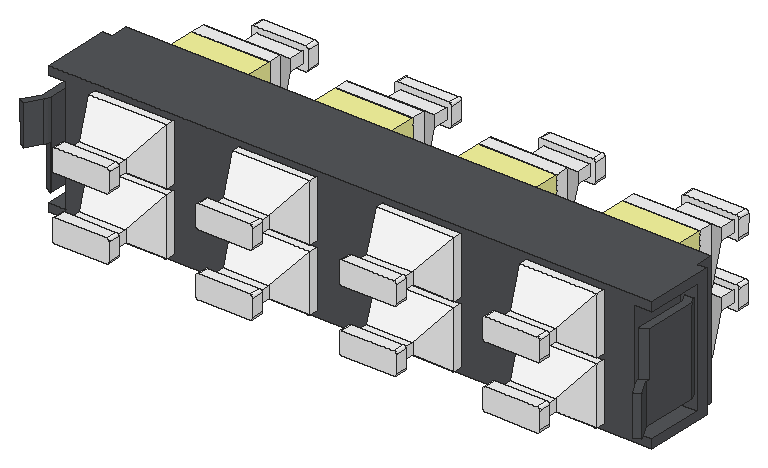
Revit family "Adaptateur 8 MTP", category Installations électriques, Revit 2020
Family settings
  Conserver l'orientation des annotations = Non
  Cote de connecteur circulaire = Utiliser le diamètre
  Type d'élément = Normal
  Basée sur le plan de construction = Non
  Toujours verticalement = Oui
  Couper avec des vides une fois chargée = Non
  Partagée = Non
  Point de calcul de pièce = Non
Parameters (values of type "Adaptateur 8 MTP traversée multimode")
  Type de fibre optique = "Multimode"
  Type de connecteur interne = "MT_MPO"
  Type de connecteur externe = "MT_MPO"
  Température de stockage = "-10°C à 60°C"
  Température de fonctionnement = "-10°C à 60°C"
  Référence Legrand = "032118"
  RAL = "9001"
  Profondeur = 45 mm
  Nombre de connecteurs = 8
  Lien e-catalogue = "https://www.legrand.fr/reference/032118/pro"
  Libellé BIM = "Adaptateur 8 MTP traversée multimode"
  Largeur des connecteurs = 13.5 mm
  Largeur de l'ouverture = 8.35 mm
  Largeur (mm) = 109 mm
  IP = "IP20"
  IK = "IK04"
  Hauteur des connecteurs = 10 mm
  Hauteur de l'ouverture = 1 mm
  Hauteur = 23 mm
  Fonction = "Panneaux fibre optique HD Legrand"
  Elévation par défaut = 0 mm
  EAN = "3414971929234"
  Couleur des connecteurs = IDS_JAUNE
  Couleur = IDS_NOIR
  Classe ETIM = "EC001130"
Reference planes
  plane 1 "Centre (avant/arrière)": y = 0
  plane 2: z = 0
  plane 3 "Centre (gauche/droite)": x = 0
  plane 4 "Clip bas": z = 4
  plane 5 "Clip haut": z = 19
  plane 6: x = 105.5
  plane 7: x = 52.75
  plane 8: through (0.797, -2.504, 1200) normal (-0.866, 0.5, 0)
  plane 9: z = 1
  plane 10: z = 11
  plane 11: z = 12
  plane 12: z = 22
  plane 13: x = 8.35
  plane 14: x = 21.85
  plane 15: z = 23
  plane 16: x = 33.45
  plane 17: x = 46.95
  plane 18: x = 58.55
  plane 19: x = 72.05
  plane 20: y = 21
  plane 21: y = 11
  plane 22: y = 1
  plane 23: x = 83.65
  plane 24: x = 97.15
  plane 25: y = -7
  plane 26: z = 5
  plane 27: z = 7
  plane 28: x = 11.1
  plane 29: x = 19.1
  plane 30: z = 16
  plane 31: z = 18
  plane 32: x = 11.1
  plane 33: x = 19.1
  plane 34: z = 5
  plane 35: z = 7
  plane 36: x = 36.2
  plane 37: x = 44.2
  plane 38: z = 5
  plane 39: z = 7
  plane 40: x = 61.3
  plane 41: x = 69.3
  plane 42: z = 5
  plane 43: z = 7
  plane 44: x = 86.4
  plane 45: x = 94.4
  plane 46: z = 16
  plane 47: z = 18
  plane 48: x = 36.2
  plane 49: x = 44.2
  plane 50: z = 16
  plane 51: z = 18
  plane 52: x = 61.3
  plane 53: x = 69.3
  plane 54: z = 16
  plane 55: z = 18
  plane 56: x = 86.4
  plane 57: x = 94.4
  plane 58: z = 5
  plane 59: z = 7
  plane 60: x = 11.1
  plane 61: x = 19.1
  plane 62: z = 16
  plane 63: z = 18
  plane 64: x = 11.1
  plane 65: x = 19.1
  plane 66: z = 5
  plane 67: z = 7
  plane 68: x = 36.2
  plane 69: x = 44.2
  plane 70: z = 5
  plane 71: z = 7
  plane 72: x = 61.3
  plane 73: x = 69.3
  plane 74: z = 5
  plane 75: z = 7
  plane 76: x = 86.4
  plane 77: x = 94.4
  plane 78: z = 16
  plane 79: z = 18
  plane 80: x = 36.2
  plane 81: x = 44.2
  plane 82: z = 16
  plane 83: z = 18
  plane 84: x = 61.3
  plane 85: x = 69.3
  plane 86: z = 16
  plane 87: z = 18
  plane 88: x = 86.4
  plane 89: x = 94.4
Forms (mm)
  Extrusion 1, solid, material "IDS_NOIR"
    sketch origin (0, 0, 0) x (1, 0, 0) y (0, 1, 0)
      loop
        line (0, 0) -> (105.5, 0) -> (105.5, 12) -> (103.9, 12) -> (103.9, 15) -> (1.6, 15) -> (1.6, 12) -> (0, 12) -> (0, 0)
    from 0 to 23
  Extrusion 2, void
    sketch origin (0, 0, 0) x (-1, 0, 0) y (0, 0, 1)
      loop
        line (0, 21.5) -> (-3, 21.5) -> (-3, 1.5) -> (0, 1.5) -> (0, 21.5)
      loop
        line (-105.5, 21.5) -> (-105.5, 1.5) -> (-102.5, 1.5) -> (-102.5, 21.5) -> (-105.5, 21.5)
    from 0 to 10
  Extrusion 3, solid, material "IDS_NOIR"
    sketch origin (0, 25.162, 4) x (0, 1, 0) y (-1, 0, 0)
      loop
        line (-29.912, 0.5) -> (-27.374, -0.965)
        arc (-27.374, -0.965) -> (-26.771, -1.215) -> (-26.124, -1.3) r 2.5
        line (-26.124, -1.3) -> (-16.662, -1.3) -> (-15.162, -2.166) -> (-15.162, -0.665) -> (-16.313, 0) -> (-26.446, 0) -> (-29.262, 1.626) -> (-29.912, 0.5)
      loop
        line (-29.912, -106) -> (-29.262, -107.126) -> (-26.446, -105.5) -> (-16.313, -105.5) -> (-15.162, -104.835) -> (-15.162, -103.334) -> (-16.662, -104.2) -> (-26.124, -104.2)
        arc (-26.124, -104.2) -> (-26.771, -104.285) -> (-27.374, -104.535) r 2.5
        line (-27.374, -104.535) -> (-29.912, -106)
    from 0 to 15
  Extrusion 4, void
    sketch origin (0.797, -2.504, 1200) x (0.5, 0.866025, 0) y (0, 0, 1)
      loop
        line (-2.593, -1196) -> (1.407, -1196) -> (1.407, -1188) -> (-2.593, -1188) -> (-2.593, -1196)
    from 0 to -2.615
  Extrusion 5, void
    sketch origin (104.703, -2.504, 1200) x (-0.5, 0.866025, 0) y (0, 0, -1)
      loop
        line (-2.593, 1181) -> (1.407, 1181) -> (1.407, 1189) -> (-2.593, 1189) -> (-2.593, 1181)
    from 0 to -2.615
  Extrusion 6, void
    sketch origin (2.941, 0, 0) x (-1, 0, 0) y (0, 0, 1)
      loop
        line (-5.409, 11) -> (-18.909, 11) -> (-18.909, 1) -> (-5.409, 1) -> (-5.409, 11)
      loop
        line (-30.509, 1) -> (-30.509, 11) -> (-44.009, 11) -> (-44.009, 1) -> (-30.509, 1)
      loop
        line (-55.609, 11) -> (-69.109, 11) -> (-69.109, 1) -> (-55.609, 1) -> (-55.609, 11)
      loop
        line (-80.709, 1) -> (-80.709, 11) -> (-94.209, 11) -> (-94.209, 1) -> (-80.709, 1)
    from 0 to 15
  Extrusion 7, void
    sketch origin (0, 0, 0) x (-1, 0, 0) y (0, 0, 1)
      loop
        line (-8.35, 12) -> (-8.35, 22) -> (-21.85, 22) -> (-21.85, 12) -> (-8.35, 12)
      loop
        line (-33.45, 12) -> (-33.45, 22) -> (-46.95, 22) -> (-46.95, 12) -> (-33.45, 12)
      loop
        line (-58.55, 22) -> (-72.05, 22) -> (-72.05, 12) -> (-58.55, 12) -> (-58.55, 22)
      loop
        line (-83.65, 22) -> (-97.15, 22) -> (-97.15, 12) -> (-83.65, 12) -> (-83.65, 22)
    from 0 to 15
  Extrusion 8, solid, material "IDS_JAUNE" <- "Couleur des connecteurs"
    sketch origin (-7.488, 1, 1200) x (-1, 0, 0) y (0, 0, 1)
      loop
        line (-15.838, -1189) -> (-29.338, -1189) -> (-29.338, -1199) -> (-15.838, -1199) -> (-15.838, -1189)
      loop
        line (-15.838, -1178) -> (-29.338, -1178) -> (-29.338, -1188) -> (-15.838, -1188) -> (-15.838, -1178)
      loop
        line (-40.938, -1188) -> (-40.938, -1178) -> (-54.438, -1178) -> (-54.438, -1188) -> (-40.938, -1188)
      loop
        line (-66.038, -1188) -> (-66.038, -1178) -> (-79.538, -1178) -> (-79.538, -1188) -> (-66.038, -1188)
      loop
        line (-66.038, -1189) -> (-79.538, -1189) -> (-79.538, -1199) -> (-66.038, -1199) -> (-66.038, -1189)
      loop
        line (-54.438, -1199) -> (-40.938, -1199) -> (-40.938, -1189) -> (-54.438, -1189) -> (-54.438, -1199)
      loop
        line (-91.138, -1188) -> (-91.138, -1178) -> (-104.638, -1178) -> (-104.638, -1188) -> (-91.138, -1188)
      loop
        line (-91.138, -1189) -> (-104.638, -1189) -> (-104.638, -1199) -> (-91.138, -1199) -> (-91.138, -1189)
    from 0 to 20
  Extrusion 9, solid, material "IDS_BLANC"
    sketch origin (-7.488, 1, 1200) x (-1, 0, 0) y (0, 0, 1)
      loop
        line (-15.838, -1188) -> (-15.838, -1178) -> (-29.338, -1178) -> (-29.338, -1188) -> (-15.838, -1188)
      loop
        line (-15.838, -1189) -> (-29.338, -1189) -> (-29.338, -1199) -> (-15.838, -1199) -> (-15.838, -1189)
      loop
        line (-40.938, -1188) -> (-40.938, -1178) -> (-54.438, -1178) -> (-54.438, -1188) -> (-40.938, -1188)
      loop
        line (-40.938, -1189) -> (-54.438, -1189) -> (-54.438, -1199) -> (-40.938, -1199) -> (-40.938, -1189)
      loop
        line (-66.038, -1178) -> (-79.538, -1178) -> (-79.538, -1188) -> (-66.038, -1188) -> (-66.038, -1178)
      loop
        line (-66.038, -1189) -> (-79.538, -1189) -> (-79.538, -1199) -> (-66.038, -1199) -> (-66.038, -1189)
      loop
        line (-91.138, -1188) -> (-91.138, -1178) -> (-104.638, -1178) -> (-104.638, -1188) -> (-91.138, -1188)
      loop
        line (-91.138, -1189) -> (-104.638, -1189) -> (-104.638, -1199) -> (-91.138, -1199) -> (-91.138, -1189)
    from 0 to -2.5
  Extrusion 10, solid, material "IDS_BLANC"
    sketch origin (5.742, -7, 1200) x (-1, 0, 0) y (0, 0, 1)
      loop
        line (-5.358, -1193) -> (-13.358, -1193) -> (-13.358, -1195) -> (-5.358, -1195) -> (-5.358, -1193)
    from -2.75 to 0
  SweptBlend 11, solid, material "IDS_BLANC"
    path origin (0, 25.162, 4) x (0, 1, 0) y (-1, 0, 0)
      loop
        line (-26.662, -15.1) -> (-32.162, -15.1)
    profile origin (15.1, -1.5, 4) x (1, 0, 0) y (0, 0, 1)
      loop
        line (-6.75, 7) -> (-6.75, -3) -> (6.75, -3) -> (6.75, 7) -> (-6.75, 7)
    end profile origin (15.1, -7, 4) x (1, 0, 0) y (0, 0, 1)
      loop
        line (4, 3) -> (-4, 3) -> (-4, 1) -> (4, 1) -> (4, 3)
  Extrusion 12, solid, material "IDS_BLANC"
    sketch origin (5.742, -9.75, 1200) x (1, 0, 0) y (0, 0, 1)
      loop
        arc (4.858, -1192) -> (4.504, -1192.146) -> (4.358, -1192.5) r 0.5
        line (4.358, -1192.5) -> (4.358, -1195.5)
        arc (4.358, -1195.5) -> (4.504, -1195.854) -> (4.858, -1196) r 0.5
        line (4.858, -1196) -> (13.858, -1196)
        arc (13.858, -1196) -> (14.211, -1195.854) -> (14.358, -1195.5) r 0.5
        line (14.358, -1195.5) -> (14.358, -1192.5)
        arc (14.358, -1192.5) -> (14.211, -1192.146) -> (13.858, -1192) r 0.5
        line (13.858, -1192) -> (4.858, -1192)
    from 0 to 2
  Extrusion 13, solid, material "IDS_BLANC"
    sketch origin (5.742, -9.75, 1211) x (1, 0, 0) y (0, 0, 1)
      loop
        arc (4.858, -1192) -> (4.504, -1192.146) -> (4.358, -1192.5) r 0.5
        line (4.358, -1192.5) -> (4.358, -1195.5)
        arc (4.358, -1195.5) -> (4.504, -1195.854) -> (4.858, -1196) r 0.5
        line (4.858, -1196) -> (13.858, -1196)
        arc (13.858, -1196) -> (14.211, -1195.854) -> (14.358, -1195.5) r 0.5
        line (14.358, -1195.5) -> (14.358, -1192.5)
        arc (14.358, -1192.5) -> (14.211, -1192.146) -> (13.858, -1192) r 0.5
        line (13.858, -1192) -> (4.858, -1192)
    from 0 to 2
  SweptBlend 14, solid, material "IDS_BLANC"
    path origin (0, 25.162, 15) x (0, 1, 0) y (-1, 0, 0)
      loop
        line (-26.662, -15.1) -> (-32.162, -15.1)
    profile origin (15.1, -1.5, 15) x (1, 0, 0) y (0, 0, 1)
      loop
        line (-6.75, 7) -> (-6.75, -3) -> (6.75, -3) -> (6.75, 7) -> (-6.75, 7)
    end profile origin (15.1, -7, 15) x (1, 0, 0) y (0, 0, 1)
      loop
        line (4, 3) -> (-4, 3) -> (-4, 1) -> (4, 1) -> (4, 3)
  Extrusion 15, solid, material "IDS_BLANC"
    sketch origin (5.742, -7, 1211) x (-1, 0, 0) y (0, 0, 1)
      loop
        line (-5.358, -1193) -> (-13.358, -1193) -> (-13.358, -1195) -> (-5.358, -1195) -> (-5.358, -1193)
    from -2.75 to 0
  Extrusion 16, solid, material "IDS_BLANC"
    sketch origin (30.842, -7, 1200) x (-1, 0, 0) y (0, 0, 1)
      loop
        line (-5.358, -1193) -> (-13.358, -1193) -> (-13.358, -1195) -> (-5.358, -1195) -> (-5.358, -1193)
    from -2.75 to 0
  SweptBlend 17, solid, material "IDS_BLANC"
    path origin (25.1, 25.162, 4) x (0, 1, 0) y (-1, 0, 0)
      loop
        line (-26.662, -15.1) -> (-32.162, -15.1)
    profile origin (40.2, -1.5, 4) x (1, 0, 0) y (0, 0, 1)
      loop
        line (-6.75, 7) -> (-6.75, -3) -> (6.75, -3) -> (6.75, 7) -> (-6.75, 7)
    end profile origin (40.2, -7, 4) x (1, 0, 0) y (0, 0, 1)
      loop
        line (4, 3) -> (-4, 3) -> (-4, 1) -> (4, 1) -> (4, 3)
  Extrusion 18, solid, material "IDS_BLANC"
    sketch origin (30.842, -9.75, 1200) x (1, 0, 0) y (0, 0, 1)
      loop
        arc (4.858, -1192) -> (4.504, -1192.146) -> (4.358, -1192.5) r 0.5
        line (4.358, -1192.5) -> (4.358, -1195.5)
        arc (4.358, -1195.5) -> (4.504, -1195.854) -> (4.858, -1196) r 0.5
        line (4.858, -1196) -> (13.858, -1196)
        arc (13.858, -1196) -> (14.211, -1195.854) -> (14.358, -1195.5) r 0.5
        line (14.358, -1195.5) -> (14.358, -1192.5)
        arc (14.358, -1192.5) -> (14.211, -1192.146) -> (13.858, -1192) r 0.5
        line (13.858, -1192) -> (4.858, -1192)
    from 0 to 2
  Extrusion 19, solid, material "IDS_BLANC"
    sketch origin (30.842, -9.75, 1211) x (1, 0, 0) y (0, 0, 1)
      loop
        arc (4.858, -1192) -> (4.504, -1192.146) -> (4.358, -1192.5) r 0.5
        line (4.358, -1192.5) -> (4.358, -1195.5)
        arc (4.358, -1195.5) -> (4.504, -1195.854) -> (4.858, -1196) r 0.5
        line (4.858, -1196) -> (13.858, -1196)
        arc (13.858, -1196) -> (14.211, -1195.854) -> (14.358, -1195.5) r 0.5
        line (14.358, -1195.5) -> (14.358, -1192.5)
        arc (14.358, -1192.5) -> (14.211, -1192.146) -> (13.858, -1192) r 0.5
        line (13.858, -1192) -> (4.858, -1192)
    from 0 to 2
  SweptBlend 20, solid, material "IDS_BLANC"
    path origin (25.1, 25.162, 15) x (0, 1, 0) y (-1, 0, 0)
      loop
        line (-26.662, -15.1) -> (-32.162, -15.1)
    profile origin (40.2, -1.5, 15) x (1, 0, 0) y (0, 0, 1)
      loop
        line (-6.75, 7) -> (-6.75, -3) -> (6.75, -3) -> (6.75, 7) -> (-6.75, 7)
    end profile origin (40.2, -7, 15) x (1, 0, 0) y (0, 0, 1)
      loop
        line (4, 3) -> (-4, 3) -> (-4, 1) -> (4, 1) -> (4, 3)
  Extrusion 21, solid, material "IDS_BLANC"
    sketch origin (55.942, -7, 1200) x (-1, 0, 0) y (0, 0, 1)
      loop
        line (-5.358, -1193) -> (-13.358, -1193) -> (-13.358, -1195) -> (-5.358, -1195) -> (-5.358, -1193)
    from -2.75 to 0
  SweptBlend 22, solid, material "IDS_BLANC"
    path origin (50.2, 25.162, 4) x (0, 1, 0) y (-1, 0, 0)
      loop
        line (-26.662, -15.1) -> (-32.162, -15.1)
    profile origin (65.3, -1.5, 4) x (1, 0, 0) y (0, 0, 1)
      loop
        line (-6.75, 7) -> (-6.75, -3) -> (6.75, -3) -> (6.75, 7) -> (-6.75, 7)
    end profile origin (65.3, -7, 4) x (1, 0, 0) y (0, 0, 1)
      loop
        line (4, 3) -> (-4, 3) -> (-4, 1) -> (4, 1) -> (4, 3)
  Extrusion 23, solid, material "IDS_BLANC"
    sketch origin (55.942, -9.75, 1200) x (1, 0, 0) y (0, 0, 1)
      loop
        arc (4.858, -1192) -> (4.504, -1192.146) -> (4.358, -1192.5) r 0.5
        line (4.358, -1192.5) -> (4.358, -1195.5)
        arc (4.358, -1195.5) -> (4.504, -1195.854) -> (4.858, -1196) r 0.5
        line (4.858, -1196) -> (13.858, -1196)
        arc (13.858, -1196) -> (14.211, -1195.854) -> (14.358, -1195.5) r 0.5
        line (14.358, -1195.5) -> (14.358, -1192.5)
        arc (14.358, -1192.5) -> (14.211, -1192.146) -> (13.858, -1192) r 0.5
        line (13.858, -1192) -> (4.858, -1192)
    from 0 to 2
  Extrusion 24, solid, material "IDS_BLANC"
    sketch origin (55.942, -9.75, 1211) x (1, 0, 0) y (0, 0, 1)
      loop
        arc (4.858, -1192) -> (4.504, -1192.146) -> (4.358, -1192.5) r 0.5
        line (4.358, -1192.5) -> (4.358, -1195.5)
        arc (4.358, -1195.5) -> (4.504, -1195.854) -> (4.858, -1196) r 0.5
        line (4.858, -1196) -> (13.858, -1196)
        arc (13.858, -1196) -> (14.211, -1195.854) -> (14.358, -1195.5) r 0.5
        line (14.358, -1195.5) -> (14.358, -1192.5)
        arc (14.358, -1192.5) -> (14.211, -1192.146) -> (13.858, -1192) r 0.5
        line (13.858, -1192) -> (4.858, -1192)
    from 0 to 2
  SweptBlend 25, solid, material "IDS_BLANC"
    path origin (50.2, 25.162, 15) x (0, 1, 0) y (-1, 0, 0)
      loop
        line (-26.662, -15.1) -> (-32.162, -15.1)
    profile origin (65.3, -1.5, 15) x (1, 0, 0) y (0, 0, 1)
      loop
        line (-6.75, 7) -> (-6.75, -3) -> (6.75, -3) -> (6.75, 7) -> (-6.75, 7)
    end profile origin (65.3, -7, 15) x (1, 0, 0) y (0, 0, 1)
      loop
        line (4, 3) -> (-4, 3) -> (-4, 1) -> (4, 1) -> (4, 3)
  Extrusion 26, solid, material "IDS_BLANC"
    sketch origin (81.042, -7, 1200) x (-1, 0, 0) y (0, 0, 1)
      loop
        line (-5.358, -1193) -> (-13.358, -1193) -> (-13.358, -1195) -> (-5.358, -1195) -> (-5.358, -1193)
    from -2.75 to 0
  SweptBlend 27, solid, material "IDS_BLANC"
    path origin (75.3, 25.162, 4) x (0, 1, 0) y (-1, 0, 0)
      loop
        line (-26.662, -15.1) -> (-32.162, -15.1)
    profile origin (90.4, -1.5, 4) x (1, 0, 0) y (0, 0, 1)
      loop
        line (-6.75, 7) -> (-6.75, -3) -> (6.75, -3) -> (6.75, 7) -> (-6.75, 7)
    end profile origin (90.4, -7, 4) x (1, 0, 0) y (0, 0, 1)
      loop
        line (4, 3) -> (-4, 3) -> (-4, 1) -> (4, 1) -> (4, 3)
  Extrusion 28, solid, material "IDS_BLANC"
    sketch origin (81.042, -9.75, 1200) x (1, 0, 0) y (0, 0, 1)
      loop
        arc (4.858, -1192) -> (4.504, -1192.146) -> (4.358, -1192.5) r 0.5
        line (4.358, -1192.5) -> (4.358, -1195.5)
        arc (4.358, -1195.5) -> (4.504, -1195.854) -> (4.858, -1196) r 0.5
        line (4.858, -1196) -> (13.858, -1196)
        arc (13.858, -1196) -> (14.211, -1195.854) -> (14.358, -1195.5) r 0.5
        line (14.358, -1195.5) -> (14.358, -1192.5)
        arc (14.358, -1192.5) -> (14.211, -1192.146) -> (13.858, -1192) r 0.5
        line (13.858, -1192) -> (4.858, -1192)
    from 0 to 2
  Extrusion 29, solid, material "IDS_BLANC"
    sketch origin (81.042, -9.75, 1211) x (1, 0, 0) y (0, 0, 1)
      loop
        arc (4.858, -1192) -> (4.504, -1192.146) -> (4.358, -1192.5) r 0.5
        line (4.358, -1192.5) -> (4.358, -1195.5)
        arc (4.358, -1195.5) -> (4.504, -1195.854) -> (4.858, -1196) r 0.5
        line (4.858, -1196) -> (13.858, -1196)
        arc (13.858, -1196) -> (14.211, -1195.854) -> (14.358, -1195.5) r 0.5
        line (14.358, -1195.5) -> (14.358, -1192.5)
        arc (14.358, -1192.5) -> (14.211, -1192.146) -> (13.858, -1192) r 0.5
        line (13.858, -1192) -> (4.858, -1192)
    from 0 to 2
  SweptBlend 30, solid, material "IDS_BLANC"
    path origin (75.3, 25.162, 15) x (0, 1, 0) y (-1, 0, 0)
      loop
        line (-26.662, -15.1) -> (-32.162, -15.1)
    profile origin (90.4, -1.5, 15) x (1, 0, 0) y (0, 0, 1)
      loop
        line (-6.75, 7) -> (-6.75, -3) -> (6.75, -3) -> (6.75, 7) -> (-6.75, 7)
    end profile origin (90.4, -7, 15) x (1, 0, 0) y (0, 0, 1)
      loop
        line (4, 3) -> (-4, 3) -> (-4, 1) -> (4, 1) -> (4, 3)
  Extrusion 31, solid, material "IDS_BLANC"
    sketch origin (30.842, -7, 1211) x (-1, 0, 0) y (0, 0, 1)
      loop
        line (-5.358, -1193) -> (-13.358, -1193) -> (-13.358, -1195) -> (-5.358, -1195) -> (-5.358, -1193)
    from -2.75 to 0
  Extrusion 32, solid, material "IDS_BLANC"
    sketch origin (55.942, -7, 1211) x (-1, 0, 0) y (0, 0, 1)
      loop
        line (-5.358, -1193) -> (-13.358, -1193) -> (-13.358, -1195) -> (-5.358, -1195) -> (-5.358, -1193)
    from -2.75 to 0
  Extrusion 33, solid, material "IDS_BLANC"
    sketch origin (81.042, -7, 1211) x (-1, 0, 0) y (0, 0, 1)
      loop
        line (-5.358, -1193) -> (-13.358, -1193) -> (-13.358, -1195) -> (-5.358, -1195) -> (-5.358, -1193)
    from -2.75 to 0
  Extrusion 34, solid, material "IDS_BLANC"
    sketch origin (-7.488, 21, 1200) x (-1, 0, 0) y (0, 0, -1)
      loop
        line (-15.838, 1188) -> (-29.338, 1188) -> (-29.338, 1178) -> (-15.838, 1178) -> (-15.838, 1188)
      loop
        line (-15.838, 1189) -> (-15.838, 1199) -> (-29.338, 1199) -> (-29.338, 1189) -> (-15.838, 1189)
      loop
        line (-40.938, 1188) -> (-54.438, 1188) -> (-54.438, 1178) -> (-40.938, 1178) -> (-40.938, 1188)
      loop
        line (-40.938, 1189) -> (-40.938, 1199) -> (-54.438, 1199) -> (-54.438, 1189) -> (-40.938, 1189)
      loop
        line (-66.038, 1178) -> (-66.038, 1188) -> (-79.538, 1188) -> (-79.538, 1178) -> (-66.038, 1178)
      loop
        line (-66.038, 1189) -> (-66.038, 1199) -> (-79.538, 1199) -> (-79.538, 1189) -> (-66.038, 1189)
      loop
        line (-91.138, 1188) -> (-104.638, 1188) -> (-104.638, 1178) -> (-91.138, 1178) -> (-91.138, 1188)
      loop
        line (-91.138, 1189) -> (-91.138, 1199) -> (-104.638, 1199) -> (-104.638, 1189) -> (-91.138, 1189)
    from 0 to -2.5
  Extrusion 35, solid, material "IDS_BLANC"
    sketch origin (5.742, 29, 1200) x (-1, 0, 0) y (0, 0, -1)
      loop
        line (-5.358, 1193) -> (-5.358, 1195) -> (-13.358, 1195) -> (-13.358, 1193) -> (-5.358, 1193)
    from -2.75 to 0
  SweptBlend 36, solid, material "IDS_BLANC"
    path origin (0, -3.162, 4) x (0, -1, 0) y (1, 0, 0)
      loop
        line (-26.662, 15.1) -> (-32.162, 15.1)
    profile origin (15.1, 23.5, 4) x (-1, 0, 0) y (0, 0, 1)
      loop
        line (6.75, 7) -> (-6.75, 7) -> (-6.75, -3) -> (6.75, -3) -> (6.75, 7)
    end profile origin (15.1, 29, 4) x (-1, 0, 0) y (0, 0, 1)
      loop
        line (-4, 3) -> (-4, 1) -> (4, 1) -> (4, 3) -> (-4, 3)
  Extrusion 37, solid, material "IDS_BLANC"
    sketch origin (5.742, 31.75, 1200) x (1, 0, 0) y (0, 0, -1)
      loop
        line (4.858, 1192) -> (13.858, 1192)
        arc (13.858, 1192) -> (14.211, 1192.146) -> (14.358, 1192.5) r 0.5
        line (14.358, 1192.5) -> (14.358, 1195.5)
        arc (14.358, 1195.5) -> (14.211, 1195.854) -> (13.858, 1196) r 0.5
        line (13.858, 1196) -> (4.858, 1196)
        arc (4.858, 1196) -> (4.504, 1195.854) -> (4.358, 1195.5) r 0.5
        line (4.358, 1195.5) -> (4.358, 1192.5)
        arc (4.358, 1192.5) -> (4.504, 1192.146) -> (4.858, 1192) r 0.5
    from 0 to 2
  Extrusion 38, solid, material "IDS_BLANC"
    sketch origin (5.742, 31.75, 1189) x (1, 0, 0) y (0, 0, -1)
      loop
        line (4.858, 1170) -> (13.858, 1170)
        arc (13.858, 1170) -> (14.211, 1170.146) -> (14.358, 1170.5) r 0.5
        line (14.358, 1170.5) -> (14.358, 1173.5)
        arc (14.358, 1173.5) -> (14.211, 1173.854) -> (13.858, 1174) r 0.5
        line (13.858, 1174) -> (4.858, 1174)
        arc (4.858, 1174) -> (4.504, 1173.854) -> (4.358, 1173.5) r 0.5
        line (4.358, 1173.5) -> (4.358, 1170.5)
        arc (4.358, 1170.5) -> (4.504, 1170.146) -> (4.858, 1170) r 0.5
    from 0 to 2
  SweptBlend 39, solid, material "IDS_BLANC"
    path origin (0, -3.162, 15) x (0, -1, 0) y (1, 0, 0)
      loop
        line (-26.662, 15.1) -> (-32.162, 15.1)
    profile origin (15.1, 23.5, 15) x (-1, 0, 0) y (0, 0, 1)
      loop
        line (6.75, 7) -> (-6.75, 7) -> (-6.75, -3) -> (6.75, -3) -> (6.75, 7)
    end profile origin (15.1, 29, 15) x (-1, 0, 0) y (0, 0, 1)
      loop
        line (-4, 3) -> (-4, 1) -> (4, 1) -> (4, 3) -> (-4, 3)
  Extrusion 40, solid, material "IDS_BLANC"
    sketch origin (5.742, 29, 1211) x (-1, 0, 0) y (0, 0, -1)
      loop
        line (-5.358, 1193) -> (-5.358, 1195) -> (-13.358, 1195) -> (-13.358, 1193) -> (-5.358, 1193)
    from -2.75 to 0
  Extrusion 41, solid, material "IDS_BLANC"
    sketch origin (30.842, 29, 1200) x (-1, 0, 0) y (0, 0, -1)
      loop
        line (-5.358, 1193) -> (-5.358, 1195) -> (-13.358, 1195) -> (-13.358, 1193) -> (-5.358, 1193)
    from -2.75 to 0
  SweptBlend 42, solid, material "IDS_BLANC"
    path origin (25.1, -3.162, 4) x (0, -1, 0) y (1, 0, 0)
      loop
        line (-26.662, 15.1) -> (-32.162, 15.1)
    profile origin (40.2, 23.5, 4) x (-1, 0, 0) y (0, 0, 1)
      loop
        line (6.75, 7) -> (-6.75, 7) -> (-6.75, -3) -> (6.75, -3) -> (6.75, 7)
    end profile origin (40.2, 29, 4) x (-1, 0, 0) y (0, 0, 1)
      loop
        line (-4, 3) -> (-4, 1) -> (4, 1) -> (4, 3) -> (-4, 3)
  Extrusion 43, solid, material "IDS_BLANC"
    sketch origin (30.842, 31.75, 1200) x (1, 0, 0) y (0, 0, -1)
      loop
        line (4.858, 1192) -> (13.858, 1192)
        arc (13.858, 1192) -> (14.211, 1192.146) -> (14.358, 1192.5) r 0.5
        line (14.358, 1192.5) -> (14.358, 1195.5)
        arc (14.358, 1195.5) -> (14.211, 1195.854) -> (13.858, 1196) r 0.5
        line (13.858, 1196) -> (4.858, 1196)
        arc (4.858, 1196) -> (4.504, 1195.854) -> (4.358, 1195.5) r 0.5
        line (4.358, 1195.5) -> (4.358, 1192.5)
        arc (4.358, 1192.5) -> (4.504, 1192.146) -> (4.858, 1192) r 0.5
    from 0 to 2
  Extrusion 44, solid, material "IDS_BLANC"
    sketch origin (30.842, 31.75, 1189) x (1, 0, 0) y (0, 0, -1)
      loop
        line (4.858, 1170) -> (13.858, 1170)
        arc (13.858, 1170) -> (14.211, 1170.146) -> (14.358, 1170.5) r 0.5
        line (14.358, 1170.5) -> (14.358, 1173.5)
        arc (14.358, 1173.5) -> (14.211, 1173.854) -> (13.858, 1174) r 0.5
        line (13.858, 1174) -> (4.858, 1174)
        arc (4.858, 1174) -> (4.504, 1173.854) -> (4.358, 1173.5) r 0.5
        line (4.358, 1173.5) -> (4.358, 1170.5)
        arc (4.358, 1170.5) -> (4.504, 1170.146) -> (4.858, 1170) r 0.5
    from 0 to 2
  SweptBlend 45, solid, material "IDS_BLANC"
    path origin (25.1, -3.162, 15) x (0, -1, 0) y (1, 0, 0)
      loop
        line (-26.662, 15.1) -> (-32.162, 15.1)
    profile origin (40.2, 23.5, 15) x (-1, 0, 0) y (0, 0, 1)
      loop
        line (6.75, 7) -> (-6.75, 7) -> (-6.75, -3) -> (6.75, -3) -> (6.75, 7)
    end profile origin (40.2, 29, 15) x (-1, 0, 0) y (0, 0, 1)
      loop
        line (-4, 3) -> (-4, 1) -> (4, 1) -> (4, 3) -> (-4, 3)
  Extrusion 46, solid, material "IDS_BLANC"
    sketch origin (55.942, 29, 1200) x (-1, 0, 0) y (0, 0, -1)
      loop
        line (-5.358, 1193) -> (-5.358, 1195) -> (-13.358, 1195) -> (-13.358, 1193) -> (-5.358, 1193)
    from -2.75 to 0
  SweptBlend 47, solid, material "IDS_BLANC"
    path origin (50.2, -3.162, 4) x (0, -1, 0) y (1, 0, 0)
      loop
        line (-26.662, 15.1) -> (-32.162, 15.1)
    profile origin (65.3, 23.5, 4) x (-1, 0, 0) y (0, 0, 1)
      loop
        line (6.75, 7) -> (-6.75, 7) -> (-6.75, -3) -> (6.75, -3) -> (6.75, 7)
    end profile origin (65.3, 29, 4) x (-1, 0, 0) y (0, 0, 1)
      loop
        line (-4, 3) -> (-4, 1) -> (4, 1) -> (4, 3) -> (-4, 3)
  Extrusion 48, solid, material "IDS_BLANC"
    sketch origin (55.942, 31.75, 1200) x (1, 0, 0) y (0, 0, -1)
      loop
        line (4.858, 1192) -> (13.858, 1192)
        arc (13.858, 1192) -> (14.211, 1192.146) -> (14.358, 1192.5) r 0.5
        line (14.358, 1192.5) -> (14.358, 1195.5)
        arc (14.358, 1195.5) -> (14.211, 1195.854) -> (13.858, 1196) r 0.5
        line (13.858, 1196) -> (4.858, 1196)
        arc (4.858, 1196) -> (4.504, 1195.854) -> (4.358, 1195.5) r 0.5
        line (4.358, 1195.5) -> (4.358, 1192.5)
        arc (4.358, 1192.5) -> (4.504, 1192.146) -> (4.858, 1192) r 0.5
    from 0 to 2
  Extrusion 49, solid, material "IDS_BLANC"
    sketch origin (55.942, 31.75, 1189) x (1, 0, 0) y (0, 0, -1)
      loop
        line (4.858, 1170) -> (13.858, 1170)
        arc (13.858, 1170) -> (14.211, 1170.146) -> (14.358, 1170.5) r 0.5
        line (14.358, 1170.5) -> (14.358, 1173.5)
        arc (14.358, 1173.5) -> (14.211, 1173.854) -> (13.858, 1174) r 0.5
        line (13.858, 1174) -> (4.858, 1174)
        arc (4.858, 1174) -> (4.504, 1173.854) -> (4.358, 1173.5) r 0.5
        line (4.358, 1173.5) -> (4.358, 1170.5)
        arc (4.358, 1170.5) -> (4.504, 1170.146) -> (4.858, 1170) r 0.5
    from 0 to 2
  SweptBlend 50, solid, material "IDS_BLANC"
    path origin (50.2, -3.162, 15) x (0, -1, 0) y (1, 0, 0)
      loop
        line (-26.662, 15.1) -> (-32.162, 15.1)
    profile origin (65.3, 23.5, 15) x (-1, 0, 0) y (0, 0, 1)
      loop
        line (6.75, 7) -> (-6.75, 7) -> (-6.75, -3) -> (6.75, -3) -> (6.75, 7)
    end profile origin (65.3, 29, 15) x (-1, 0, 0) y (0, 0, 1)
      loop
        line (-4, 3) -> (-4, 1) -> (4, 1) -> (4, 3) -> (-4, 3)
  Extrusion 51, solid, material "IDS_BLANC"
    sketch origin (81.042, 29, 1200) x (-1, 0, 0) y (0, 0, -1)
      loop
        line (-5.358, 1193) -> (-5.358, 1195) -> (-13.358, 1195) -> (-13.358, 1193) -> (-5.358, 1193)
    from -2.75 to 0
  SweptBlend 52, solid, material "IDS_BLANC"
    path origin (75.3, -3.162, 4) x (0, -1, 0) y (1, 0, 0)
      loop
        line (-26.662, 15.1) -> (-32.162, 15.1)
    profile origin (90.4, 23.5, 4) x (-1, 0, 0) y (0, 0, 1)
      loop
        line (6.75, 7) -> (-6.75, 7) -> (-6.75, -3) -> (6.75, -3) -> (6.75, 7)
    end profile origin (90.4, 29, 4) x (-1, 0, 0) y (0, 0, 1)
      loop
        line (-4, 3) -> (-4, 1) -> (4, 1) -> (4, 3) -> (-4, 3)
  Extrusion 53, solid, material "IDS_BLANC"
    sketch origin (81.042, 31.75, 1200) x (1, 0, 0) y (0, 0, -1)
      loop
        line (4.858, 1192) -> (13.858, 1192)
        arc (13.858, 1192) -> (14.211, 1192.146) -> (14.358, 1192.5) r 0.5
        line (14.358, 1192.5) -> (14.358, 1195.5)
        arc (14.358, 1195.5) -> (14.211, 1195.854) -> (13.858, 1196) r 0.5
        line (13.858, 1196) -> (4.858, 1196)
        arc (4.858, 1196) -> (4.504, 1195.854) -> (4.358, 1195.5) r 0.5
        line (4.358, 1195.5) -> (4.358, 1192.5)
        arc (4.358, 1192.5) -> (4.504, 1192.146) -> (4.858, 1192) r 0.5
    from 0 to 2
  Extrusion 54, solid, material "IDS_BLANC"
    sketch origin (81.042, 31.75, 1189) x (1, 0, 0) y (0, 0, -1)
      loop
        line (4.858, 1170) -> (13.858, 1170)
        arc (13.858, 1170) -> (14.211, 1170.146) -> (14.358, 1170.5) r 0.5
        line (14.358, 1170.5) -> (14.358, 1173.5)
        arc (14.358, 1173.5) -> (14.211, 1173.854) -> (13.858, 1174) r 0.5
        line (13.858, 1174) -> (4.858, 1174)
        arc (4.858, 1174) -> (4.504, 1173.854) -> (4.358, 1173.5) r 0.5
        line (4.358, 1173.5) -> (4.358, 1170.5)
        arc (4.358, 1170.5) -> (4.504, 1170.146) -> (4.858, 1170) r 0.5
    from 0 to 2
  SweptBlend 55, solid, material "IDS_BLANC"
    path origin (75.3, -3.162, 15) x (0, -1, 0) y (1, 0, 0)
      loop
        line (-26.662, 15.1) -> (-32.162, 15.1)
    profile origin (90.4, 23.5, 15) x (-1, 0, 0) y (0, 0, 1)
      loop
        line (6.75, 7) -> (-6.75, 7) -> (-6.75, -3) -> (6.75, -3) -> (6.75, 7)
    end profile origin (90.4, 29, 15) x (-1, 0, 0) y (0, 0, 1)
      loop
        line (-4, 3) -> (-4, 1) -> (4, 1) -> (4, 3) -> (-4, 3)
  Extrusion 56, solid, material "IDS_BLANC"
    sketch origin (30.842, 29, 1211) x (-1, 0, 0) y (0, 0, -1)
      loop
        line (-5.358, 1193) -> (-5.358, 1195) -> (-13.358, 1195) -> (-13.358, 1193) -> (-5.358, 1193)
    from -2.75 to 0
  Extrusion 57, solid, material "IDS_BLANC"
    sketch origin (55.942, 29, 1211) x (-1, 0, 0) y (0, 0, -1)
      loop
        line (-5.358, 1193) -> (-5.358, 1195) -> (-13.358, 1195) -> (-13.358, 1193) -> (-5.358, 1193)
    from -2.75 to 0
  Extrusion 58, solid, material "IDS_BLANC"
    sketch origin (81.042, 29, 1211) x (-1, 0, 0) y (0, 0, -1)
      loop
        line (-5.358, 1193) -> (-5.358, 1195) -> (-13.358, 1195) -> (-13.358, 1193) -> (-5.358, 1193)
    from -2.75 to 0
Cuts and joins
  Extrusion 2, Extrusion 6, Extrusion 7 cuts Extrusion 1
  Extrusion 4, Extrusion 5 cuts Extrusion 3
  joined: Extrusion 9, Extrusion 10, SweptBlend 11, Extrusion 12, Extrusion 13, SweptBlend 14, Extrusion 15, Extrusion 16, SweptBlend 17, Extrusion 18, Extrusion 19, SweptBlend 20, Extrusion 21, SweptBlend 22, Extrusion 23, Extrusion 24, SweptBlend 25, Extrusion 26, SweptBlend 27, Extrusion 28, Extrusion 29, SweptBlend 30, Extrusion 31, Extrusion 32, Extrusion 33
Lines and regions (mm)
  model lines
    curve 1: line (21.85, -1.5, 1) -> (8.35, -1.5, 1)
    curve 2: line (21.85, -1.5, 11) -> (21.85, -1.5, 1)
    curve 3: line (8.35, -1.5, 11) -> (21.85, -1.5, 11)
    curve 4: line (8.35, -1.5, 1) -> (8.35, -1.5, 11)
Dimensions and locks
  locked: plane 1 "Centre (avant/arrière)" to Extrusion 1 sketch curve at 15
  locked: Extrusion 1 sketch curve to Extrusion 1 sketch curve at 105.5
  locked: Extrusion 1 sketch curve to Extrusion 1 sketch curve at 1.6  (x2)
  locked: Extrusion 1 sketch curve to Extrusion 1 sketch curve at 12
  locked: Extrusion 2 sketch curve to level at 1.5
  locked: Extrusion 1 to Extrusion 2 sketch curve at 1.5
  locked: Extrusion 2 sketch curve to plane 3 "Centre (gauche/droite)" at 3
  locked: Extrusion 2 sketch curve to Extrusion 1 at 3
  plane 4 "Clip bas" to level = 4 mm
  cut or joined group of Extrusion 1, Extrusion 2, Extrusion 6, Extrusion 7 to plane 5 "Clip haut" = 4 mm
  locked: Extrusion 3 sketch curve to plane 3 "Centre (gauche/droite)" at 0.5
  locked: Extrusion 3 sketch curve to plane 1 "Centre (avant/arrière)" at 4.75
  locked: plane 3 "Centre (gauche/droite)" to Extrusion 3 sketch curve at 1.3
  plane 1 "Centre (avant/arrière)" to Extrusion 3 sketch curve = 8.5 mm
  equal spacing: plane 3 "Centre (gauche/droite)", plane 7, plane 6, locked at 52.75 each
  locked: Extrusion 3 to Extrusion 4 sketch curve at 4
  locked: Extrusion 3 to Extrusion 4 sketch curve at 8
  cut or joined group of Extrusion 3, Extrusion 4, Extrusion 5 to Extrusion 5 sketch curve = 8 mm
  Extrusion 5 sketch curve to cut or joined group of Extrusion 3, Extrusion 4, Extrusion 5 = 4 mm
  "Hauteur de l'ouverture": plane 9 to level
  "Hauteur des connecteurs": plane 10 to plane 9
  "Hauteur des connecteurs": plane 12 to plane 11
  "Largeur de l'ouverture": plane 13 to plane 3 "Centre (gauche/droite)"
  "Largeur des connecteurs": plane 13 to plane 14
  locked: plane 15 to level at 23
  "Hauteur de l'ouverture": plane 15 to plane 12
  "Largeur des connecteurs": plane 16 to plane 17
  locked: plane 14 to plane 16 at 11.6
  plane 17 to plane 18 = 11.6 mm
  "Largeur des connecteurs": plane 18 to plane 19
  plane 20 to cut or joined group of Extrusion 1, Extrusion 2, Extrusion 6, Extrusion 7 = 6 mm
  locked: plane 22 to plane 1 "Centre (avant/arrière)" at 1
  "Largeur des connecteurs": plane 23 to plane 24
  plane 23 to plane 19 = 11.6 mm
  plane 6 to plane 24 = 8.35 mm
  Extrusion 9 to plane 25 = 5.5 mm
  plane 26 to plane 9 = 4 mm
  plane 10 to plane 27 = 4 mm
  plane 27 to plane 26 = 2 mm
  Extrusion 9 to plane 28 = 2.75 mm
  plane 28 to plane 29 = 8 mm
  plane 29 to plane 14 = 2.75 mm
  Extrusion 12 sketch curve to Extrusion 10 = 1 mm  (x3)
  Extrusion 10 to Extrusion 12 sketch curve = 1 mm
  plane 31 to plane 30 = 2 mm
  plane 32 to plane 33 = 8 mm
  plane 35 to plane 34 = 2 mm
  plane 36 to plane 37 = 8 mm
  Extrusion 18 sketch curve to Extrusion 16 = 1 mm  (x3)
  Extrusion 16 to Extrusion 18 sketch curve = 1 mm
  plane 39 to plane 38 = 2 mm
  plane 40 to plane 41 = 8 mm
  Extrusion 23 sketch curve to Extrusion 21 = 1 mm  (x3)
  Extrusion 21 to Extrusion 23 sketch curve = 1 mm
  plane 43 to plane 42 = 2 mm
  plane 44 to plane 45 = 8 mm
  Extrusion 28 sketch curve to Extrusion 26 = 1 mm  (x3)
  Extrusion 26 to Extrusion 28 sketch curve = 1 mm
  plane 47 to plane 46 = 2 mm
  plane 48 to plane 49 = 8 mm
  plane 51 to plane 50 = 2 mm
  plane 52 to plane 53 = 8 mm
  plane 55 to plane 54 = 2 mm
  plane 56 to plane 57 = 8 mm
  equal spacing: plane 20, plane 21, plane 22
  plane 58 to plane 59 = 2 mm
  Extrusion 34 to plane 60 = 2.75 mm
  plane 60 to plane 61 = 8 mm
  Extrusion 35 to Extrusion 37 sketch curve = 1 mm
  Extrusion 37 sketch curve to Extrusion 35 = 1 mm  (x3)
  plane 62 to plane 63 = 2 mm
  plane 64 to plane 65 = 8 mm
  plane 66 to plane 67 = 2 mm
  plane 68 to plane 69 = 8 mm
  Extrusion 41 to Extrusion 43 sketch curve = 1 mm
  Extrusion 43 sketch curve to Extrusion 41 = 1 mm  (x3)
  plane 70 to plane 71 = 2 mm
  plane 72 to plane 73 = 8 mm
  Extrusion 46 to Extrusion 48 sketch curve = 1 mm
  Extrusion 48 sketch curve to Extrusion 46 = 1 mm  (x3)
  plane 74 to plane 75 = 2 mm
  plane 76 to plane 77 = 8 mm
  Extrusion 51 to Extrusion 53 sketch curve = 1 mm
  Extrusion 53 sketch curve to Extrusion 51 = 1 mm  (x3)
  plane 78 to plane 79 = 2 mm
  plane 80 to plane 81 = 8 mm
  plane 82 to plane 83 = 2 mm
  plane 84 to plane 85 = 8 mm
  plane 86 to plane 87 = 2 mm
  plane 88 to plane 89 = 8 mm
  locked: cut or joined group of Extrusion 1, Extrusion 2, Extrusion 6, Extrusion 7 to Extrusion 3 sketch curve (angle 60.00°)
  aligned and locked: level to plane 2
  aligned and locked: plane 5 "Clip haut" to Extrusion 3
  aligned and locked: Extrusion 3 to plane 4 "Clip bas"
  aligned and locked: plane 6 to cut or joined group of Extrusion 1, Extrusion 2, Extrusion 6, Extrusion 7
  aligned and locked: Extrusion 4 sketch curve to Extrusion 3
  aligned and locked: Extrusion 3 to Extrusion 4 sketch curve
  aligned and locked: Extrusion 5 sketch curve to cut or joined group of Extrusion 3, Extrusion 4, Extrusion 5
  aligned and locked: plane 15 to cut or joined group of Extrusion 1, Extrusion 2, Extrusion 6, Extrusion 7
  aligned and locked: Extrusion 6 to plane 9
  aligned and locked: plane 10 to Extrusion 6
  aligned and locked: plane 13 to Extrusion 6
  aligned and locked: Extrusion 6 to plane 14
  aligned and locked: plane 9 to Extrusion 6 sketch curve  (x2)
  aligned and locked: Extrusion 6 sketch curve to plane 16
  aligned and locked: Extrusion 6 sketch curve to plane 10  (x2)
  aligned and locked: Extrusion 6 sketch curve to plane 17
  aligned and locked: plane 10 to Extrusion 6 sketch curve
  aligned and locked: plane 18 to Extrusion 6 sketch curve
  aligned and locked: Extrusion 6 sketch curve to plane 9
  aligned and locked: plane 19 to Extrusion 6 sketch curve
  aligned and locked: plane 11 to Extrusion 7 sketch curve  (x2)
  aligned and locked: Extrusion 7 sketch curve to plane 12  (x2)
  aligned and locked: plane 14 to Extrusion 7 sketch curve
  aligned and locked: Extrusion 7 sketch curve to plane 13
  aligned and locked: Extrusion 7 sketch curve to plane 16
  aligned and locked: plane 17 to Extrusion 7 sketch curve
  aligned and locked: plane 12 to Extrusion 7 sketch curve  (x2)
  aligned and locked: plane 18 to Extrusion 7 sketch curve
  aligned and locked: Extrusion 7 sketch curve to plane 11  (x2)
  aligned and locked: plane 19 to Extrusion 7 sketch curve
  aligned and locked: Extrusion 1 to Extrusion 7
  aligned and locked: Extrusion 1 to Extrusion 6
  aligned and locked: Extrusion 8 sketch curve to cut or joined group of Extrusion 1, Extrusion 2, Extrusion 6, Extrusion 7  (x23)
  aligned and locked: plane 20 to Extrusion 8
  aligned and locked: Extrusion 9 sketch curve to Extrusion 8  (x24)
  aligned and locked: Extrusion 2 sketch curve to Extrusion 2 sketch curve  (x2)
  aligned and locked: plane 23 to Extrusion 7 sketch curve
  aligned and locked: plane 24 to Extrusion 7 sketch curve
  aligned and locked: Extrusion 6 sketch curve to plane 23
  aligned and locked: Extrusion 6 sketch curve to plane 24
  aligned and locked: Extrusion 9 sketch curve to cut or joined group of Extrusion 1, Extrusion 2, Extrusion 6, Extrusion 7  (x8)
  aligned and locked: plane 27 to Extrusion 10 sketch curve
  aligned and locked: plane 28 to Extrusion 10 sketch curve
  aligned and locked: Extrusion 10 sketch curve to plane 26
  aligned and locked: Extrusion 10 sketch curve to plane 29
  aligned and locked: curve 1 to Extrusion 9
  aligned and locked: curve 2 to Extrusion 9
  aligned and locked: curve 3 to Extrusion 9
  aligned and locked: curve 4 to Extrusion 9
  aligned and locked: SweptBlend 11 sketch curve to Extrusion 9  (x4)
  aligned and locked: SweptBlend 11 sketch curve to Extrusion 10  (x4)
  aligned and locked: plane 31 to Extrusion 15 sketch curve
  aligned and locked: plane 32 to Extrusion 15 sketch curve
  aligned and locked: Extrusion 15 sketch curve to plane 30
  aligned and locked: Extrusion 15 sketch curve to plane 33
  aligned and locked: plane 35 to Extrusion 16 sketch curve
  aligned and locked: plane 36 to Extrusion 16 sketch curve
  aligned and locked: Extrusion 16 sketch curve to plane 34
  aligned and locked: Extrusion 16 sketch curve to plane 37
  aligned and locked: SweptBlend 17 sketch curve to Extrusion 16  (x4)
  aligned and locked: plane 39 to Extrusion 21 sketch curve
  aligned and locked: plane 40 to Extrusion 21 sketch curve
  aligned and locked: Extrusion 21 sketch curve to plane 38
  aligned and locked: Extrusion 21 sketch curve to plane 41
  aligned and locked: SweptBlend 22 sketch curve to Extrusion 21  (x4)
  aligned and locked: plane 43 to Extrusion 26 sketch curve
  aligned and locked: plane 44 to Extrusion 26 sketch curve
  aligned and locked: Extrusion 26 sketch curve to plane 42
  aligned and locked: Extrusion 26 sketch curve to plane 45
  aligned and locked: SweptBlend 27 sketch curve to Extrusion 26  (x4)
  aligned and locked: plane 47 to Extrusion 31 sketch curve
  aligned and locked: plane 48 to Extrusion 31 sketch curve
  aligned and locked: Extrusion 31 sketch curve to plane 46
  aligned and locked: Extrusion 31 sketch curve to plane 49
  aligned and locked: plane 51 to Extrusion 32 sketch curve
  aligned and locked: plane 52 to Extrusion 32 sketch curve
  aligned and locked: Extrusion 32 sketch curve to plane 50
  aligned and locked: Extrusion 32 sketch curve to plane 53
  aligned and locked: plane 55 to Extrusion 33 sketch curve
  aligned and locked: plane 56 to Extrusion 33 sketch curve
  aligned and locked: Extrusion 33 sketch curve to plane 54
  aligned and locked: Extrusion 33 sketch curve to plane 57
  aligned and locked: Extrusion 35 sketch curve to plane 59
  aligned and locked: plane 60 to Extrusion 35 sketch curve
  aligned and locked: plane 58 to Extrusion 35 sketch curve
  aligned and locked: Extrusion 35 sketch curve to plane 61
  aligned and locked: SweptBlend 36 sketch curve to Extrusion 34  (x2)
  aligned and locked: Extrusion 34 to SweptBlend 36 sketch curve  (x2)
  aligned and locked: Extrusion 35 to SweptBlend 36 sketch curve  (x2)
  aligned and locked: SweptBlend 36 sketch curve to Extrusion 35  (x2)
  aligned and locked: Extrusion 40 sketch curve to plane 63
  aligned and locked: plane 64 to Extrusion 40 sketch curve
  aligned and locked: plane 62 to Extrusion 40 sketch curve
  aligned and locked: Extrusion 40 sketch curve to plane 65
  aligned and locked: Extrusion 41 sketch curve to plane 67
  aligned and locked: plane 68 to Extrusion 41 sketch curve
  aligned and locked: plane 66 to Extrusion 41 sketch curve
  aligned and locked: Extrusion 41 sketch curve to plane 69
  aligned and locked: Extrusion 41 to SweptBlend 42 sketch curve  (x2)
  aligned and locked: SweptBlend 42 sketch curve to Extrusion 41  (x2)
  aligned and locked: Extrusion 46 sketch curve to plane 71
  aligned and locked: plane 72 to Extrusion 46 sketch curve
  aligned and locked: plane 70 to Extrusion 46 sketch curve
  aligned and locked: Extrusion 46 sketch curve to plane 73
  aligned and locked: Extrusion 46 to SweptBlend 47 sketch curve  (x2)
  aligned and locked: SweptBlend 47 sketch curve to Extrusion 46  (x2)
  aligned and locked: Extrusion 51 sketch curve to plane 75
  aligned and locked: plane 76 to Extrusion 51 sketch curve
  aligned and locked: plane 74 to Extrusion 51 sketch curve
  aligned and locked: Extrusion 51 sketch curve to plane 77
  aligned and locked: Extrusion 51 to SweptBlend 52 sketch curve  (x2)
  aligned and locked: SweptBlend 52 sketch curve to Extrusion 51  (x2)
  aligned and locked: Extrusion 56 sketch curve to plane 79
  aligned and locked: plane 80 to Extrusion 56 sketch curve
  aligned and locked: plane 78 to Extrusion 56 sketch curve
  aligned and locked: Extrusion 56 sketch curve to plane 81
  aligned and locked: Extrusion 57 sketch curve to plane 83
  aligned and locked: plane 84 to Extrusion 57 sketch curve
  aligned and locked: plane 82 to Extrusion 57 sketch curve
  aligned and locked: Extrusion 57 sketch curve to plane 85
  aligned and locked: Extrusion 58 sketch curve to plane 87
  aligned and locked: plane 88 to Extrusion 58 sketch curve
  aligned and locked: plane 86 to Extrusion 58 sketch curve
  aligned and locked: Extrusion 58 sketch curve to plane 89
Automatic sketch dimensions
  plane 1 "Centre (avant/arrière)" to Extrusion 1 sketch curve = 0 mm
  Extrusion 1 sketch curve to plane 3 "Centre (gauche/droite)" = 0 mm
  plane 21 to Extrusion 1 sketch curve = 1 mm
  plane 6 to Extrusion 2 sketch curve = 0 mm
  Extrusion 2 sketch curve to plane 3 "Centre (gauche/droite)" = 0 mm
  Extrusion 3 sketch curve to plane 6 = 0 mm
  Extrusion 3 sketch curve to plane 3 "Centre (gauche/droite)" = 0 mm
  Extrusion 3 sketch curve to plane 6 = 0.5 mm
  plane 25 to Extrusion 3 sketch curve = 2.25 mm
  Extrusion 3 sketch curve to Extrusion 3 sketch curve = 0.65 mm  (x2)
  Extrusion 3 sketch curve to plane 6 = 1.626 mm
  plane 3 "Centre (gauche/droite)" to Extrusion 3 sketch curve = 0.965 mm
  plane 6 to Extrusion 3 sketch curve = 0.965 mm
  plane 1 "Centre (avant/arrière)" to Extrusion 3 sketch curve = 0.962 mm  (x2)
  Extrusion 3 sketch curve to plane 21 = 2.5 mm
  Extrusion 3 sketch curve to Extrusion 3 sketch curve = 0.348 mm  (x2)
  Extrusion 3 sketch curve to plane 21 = 1 mm  (x2)
  Extrusion 3 sketch curve to plane 6 = 1.2 mm
  plane 6 to Extrusion 3 sketch curve = 0.665 mm
  Extrusion 3 sketch curve to Extrusion 3 sketch curve = 1.501 mm
  Extrusion 3 sketch curve to Extrusion 3 sketch curve = 0.866 mm
  plane 3 "Centre (gauche/droite)" to Extrusion 3 sketch curve = 0.665 mm
  Extrusion 5 sketch curve to Extrusion 5 sketch curve = 4 mm
  Extrusion 6 sketch curve to plane 9 = 0 mm
  Extrusion 6 sketch curve to plane 14 = 0 mm
  Extrusion 6 sketch curve to plane 10 = 0 mm
  plane 13 to Extrusion 6 sketch curve = 0 mm
  plane 17 to Extrusion 8 sketch curve = 0 mm
  SweptBlend 11 sketch curve to plane 25 = 0 mm
  SweptBlend 11 sketch curve to plane 13 = 6.75 mm
  plane 1 "Centre (avant/arrière)" to SweptBlend 11 sketch curve = 1.5 mm
  curve 3 to Extrusion 9 = 0 mm
  curve 1 to Extrusion 9 = 0 mm
  Extrusion 10 to Extrusion 12 sketch curve = 0.5 mm  (x3)
  Extrusion 12 sketch curve to Extrusion 12 sketch curve = 0.5 mm
  Extrusion 10 to Extrusion 13 sketch curve = 1 mm
  Extrusion 10 to Extrusion 13 sketch curve = 0.5 mm  (x3)
  Extrusion 13 sketch curve to Extrusion 13 sketch curve = 0.5 mm  (x2)
  Extrusion 10 to Extrusion 13 sketch curve = 8 mm
  Extrusion 13 sketch curve to Extrusion 13 sketch curve = 3 mm
  SweptBlend 14 sketch curve to plane 25 = 0 mm
  SweptBlend 14 sketch curve to plane 13 = 6.75 mm
  plane 1 "Centre (avant/arrière)" to SweptBlend 14 sketch curve = 1.5 mm
  profile plane to SweptBlend 14 sketch curve = 4 mm
  profile plane to SweptBlend 14 sketch curve = 1 mm
  SweptBlend 14 sketch curve to profile plane = 4 mm
  SweptBlend 14 sketch curve to SweptBlend 14 sketch curve = 2 mm
  SweptBlend 14 sketch curve to profile plane = 3 mm
  profile plane to SweptBlend 14 sketch curve = 6.75 mm
  SweptBlend 14 sketch curve to profile plane = 6.75 mm
  profile plane to SweptBlend 14 sketch curve = 7 mm
  SweptBlend 17 sketch curve to plane 25 = 0 mm
  SweptBlend 17 sketch curve to plane 16 = 6.75 mm
  plane 1 "Centre (avant/arrière)" to SweptBlend 17 sketch curve = 1.5 mm
  SweptBlend 17 sketch curve to plane 4 "Clip bas" = 3 mm
  profile plane to SweptBlend 17 sketch curve = 6.75 mm
  SweptBlend 17 sketch curve to profile plane = 6.75 mm
  plane 4 "Clip bas" to SweptBlend 17 sketch curve = 7 mm
  Extrusion 16 to Extrusion 18 sketch curve = 0.5 mm  (x3)
  Extrusion 18 sketch curve to Extrusion 18 sketch curve = 0.5 mm
  Extrusion 16 to Extrusion 19 sketch curve = 1 mm
  Extrusion 16 to Extrusion 19 sketch curve = 0.5 mm  (x3)
  Extrusion 19 sketch curve to Extrusion 19 sketch curve = 0.5 mm  (x2)
  Extrusion 16 to Extrusion 19 sketch curve = 8 mm
  Extrusion 19 sketch curve to Extrusion 19 sketch curve = 3 mm
  SweptBlend 20 sketch curve to plane 25 = 0 mm
  SweptBlend 20 sketch curve to plane 16 = 6.75 mm
  plane 1 "Centre (avant/arrière)" to SweptBlend 20 sketch curve = 1.5 mm
  profile plane to SweptBlend 20 sketch curve = 4 mm
  profile plane to SweptBlend 20 sketch curve = 1 mm
  SweptBlend 20 sketch curve to profile plane = 4 mm
  SweptBlend 20 sketch curve to SweptBlend 20 sketch curve = 2 mm
  SweptBlend 20 sketch curve to profile plane = 3 mm
  profile plane to SweptBlend 20 sketch curve = 6.75 mm
  SweptBlend 20 sketch curve to profile plane = 6.75 mm
  profile plane to SweptBlend 20 sketch curve = 7 mm
  SweptBlend 22 sketch curve to plane 25 = 0 mm
  SweptBlend 22 sketch curve to plane 18 = 6.75 mm
  plane 1 "Centre (avant/arrière)" to SweptBlend 22 sketch curve = 1.5 mm
  SweptBlend 22 sketch curve to plane 4 "Clip bas" = 3 mm
  profile plane to SweptBlend 22 sketch curve = 6.75 mm
  SweptBlend 22 sketch curve to profile plane = 6.75 mm
  plane 4 "Clip bas" to SweptBlend 22 sketch curve = 7 mm
  Extrusion 21 to Extrusion 23 sketch curve = 0.5 mm  (x3)
  Extrusion 23 sketch curve to Extrusion 23 sketch curve = 0.5 mm
  Extrusion 21 to Extrusion 24 sketch curve = 1 mm
  Extrusion 21 to Extrusion 24 sketch curve = 0.5 mm  (x3)
  Extrusion 24 sketch curve to Extrusion 24 sketch curve = 0.5 mm  (x2)
  Extrusion 21 to Extrusion 24 sketch curve = 8 mm
  Extrusion 24 sketch curve to Extrusion 24 sketch curve = 3 mm
  SweptBlend 25 sketch curve to plane 25 = 0 mm
  SweptBlend 25 sketch curve to plane 18 = 6.75 mm
  plane 1 "Centre (avant/arrière)" to SweptBlend 25 sketch curve = 1.5 mm
  profile plane to SweptBlend 25 sketch curve = 4 mm
  profile plane to SweptBlend 25 sketch curve = 1 mm
  SweptBlend 25 sketch curve to profile plane = 4 mm
  SweptBlend 25 sketch curve to SweptBlend 25 sketch curve = 2 mm
  SweptBlend 25 sketch curve to profile plane = 3 mm
  profile plane to SweptBlend 25 sketch curve = 6.75 mm
  SweptBlend 25 sketch curve to profile plane = 6.75 mm
  profile plane to SweptBlend 25 sketch curve = 7 mm
  SweptBlend 27 sketch curve to plane 25 = 0 mm
  SweptBlend 27 sketch curve to plane 23 = 6.75 mm
  plane 1 "Centre (avant/arrière)" to SweptBlend 27 sketch curve = 1.5 mm
  SweptBlend 27 sketch curve to plane 4 "Clip bas" = 3 mm
  profile plane to SweptBlend 27 sketch curve = 6.75 mm
  SweptBlend 27 sketch curve to profile plane = 6.75 mm
  plane 4 "Clip bas" to SweptBlend 27 sketch curve = 7 mm
  Extrusion 26 to Extrusion 28 sketch curve = 0.5 mm  (x3)
  Extrusion 28 sketch curve to Extrusion 28 sketch curve = 0.5 mm
  Extrusion 26 to Extrusion 29 sketch curve = 1 mm
  Extrusion 26 to Extrusion 29 sketch curve = 0.5 mm  (x3)
  Extrusion 29 sketch curve to Extrusion 29 sketch curve = 0.5 mm  (x2)
  Extrusion 26 to Extrusion 29 sketch curve = 8 mm
  Extrusion 29 sketch curve to Extrusion 29 sketch curve = 3 mm
  SweptBlend 30 sketch curve to plane 25 = 0 mm
  SweptBlend 30 sketch curve to plane 23 = 6.75 mm
  plane 1 "Centre (avant/arrière)" to SweptBlend 30 sketch curve = 1.5 mm
  profile plane to SweptBlend 30 sketch curve = 4 mm
  profile plane to SweptBlend 30 sketch curve = 1 mm
  SweptBlend 30 sketch curve to profile plane = 4 mm
  SweptBlend 30 sketch curve to SweptBlend 30 sketch curve = 2 mm
  SweptBlend 30 sketch curve to profile plane = 3 mm
  profile plane to SweptBlend 30 sketch curve = 6.75 mm
  SweptBlend 30 sketch curve to profile plane = 6.75 mm
  profile plane to SweptBlend 30 sketch curve = 7 mm
  Extrusion 34 sketch curve to plane 9 = 0 mm  (x4)
  Extrusion 34 sketch curve to plane 24 = 0 mm  (x2)
  Extrusion 34 sketch curve to plane 12 = 0 mm  (x4)
  plane 23 to Extrusion 34 sketch curve = 0 mm  (x2)
  Extrusion 34 sketch curve to plane 11 = 0 mm  (x4)
  Extrusion 34 sketch curve to plane 19 = 0 mm  (x2)
  Extrusion 34 sketch curve to plane 10 = 0 mm  (x4)
  plane 18 to Extrusion 34 sketch curve = 0 mm  (x2)
  plane 17 to Extrusion 34 sketch curve = 0 mm  (x2)
  plane 16 to Extrusion 34 sketch curve = 0 mm  (x2)
  plane 14 to Extrusion 34 sketch curve = 0 mm  (x2)
  plane 13 to Extrusion 34 sketch curve = 0 mm  (x2)
  plane 20 to SweptBlend 36 sketch curve = 8 mm
  SweptBlend 36 sketch curve to plane 13 = 6.75 mm
  plane 20 to SweptBlend 36 sketch curve = 2.5 mm
  Extrusion 35 to Extrusion 37 sketch curve = 0.5 mm  (x3)
  Extrusion 37 sketch curve to Extrusion 37 sketch curve = 0.5 mm
  Extrusion 35 to Extrusion 38 sketch curve = 1 mm
  Extrusion 35 to Extrusion 38 sketch curve = 0.5 mm  (x3)
  Extrusion 38 sketch curve to Extrusion 38 sketch curve = 0.5 mm  (x2)
  Extrusion 35 to Extrusion 38 sketch curve = 12 mm
  Extrusion 38 sketch curve to Extrusion 38 sketch curve = 3 mm
  plane 20 to SweptBlend 39 sketch curve = 8 mm
  SweptBlend 39 sketch curve to plane 13 = 6.75 mm
  plane 20 to SweptBlend 39 sketch curve = 2.5 mm
  profile plane to SweptBlend 39 sketch curve = 4 mm
  profile plane to SweptBlend 39 sketch curve = 1 mm
  SweptBlend 39 sketch curve to profile plane = 4 mm
  SweptBlend 39 sketch curve to SweptBlend 39 sketch curve = 2 mm
  profile plane to SweptBlend 39 sketch curve = 6.75 mm
  SweptBlend 39 sketch curve to profile plane = 6.75 mm
  SweptBlend 39 sketch curve to profile plane = 3 mm
  profile plane to SweptBlend 39 sketch curve = 7 mm
  plane 20 to SweptBlend 42 sketch curve = 8 mm
  SweptBlend 42 sketch curve to plane 16 = 6.75 mm
  plane 20 to SweptBlend 42 sketch curve = 2.5 mm
  profile plane to SweptBlend 42 sketch curve = 6.75 mm
  SweptBlend 42 sketch curve to profile plane = 6.75 mm
  SweptBlend 42 sketch curve to plane 4 "Clip bas" = 3 mm
  plane 4 "Clip bas" to SweptBlend 42 sketch curve = 7 mm
  Extrusion 41 to Extrusion 43 sketch curve = 0.5 mm  (x3)
  Extrusion 43 sketch curve to Extrusion 43 sketch curve = 0.5 mm
  Extrusion 41 to Extrusion 44 sketch curve = 1 mm
  Extrusion 41 to Extrusion 44 sketch curve = 0.5 mm  (x3)
  Extrusion 44 sketch curve to Extrusion 44 sketch curve = 0.5 mm  (x2)
  Extrusion 41 to Extrusion 44 sketch curve = 12 mm
  Extrusion 44 sketch curve to Extrusion 44 sketch curve = 3 mm
  plane 20 to SweptBlend 45 sketch curve = 8 mm
  SweptBlend 45 sketch curve to plane 16 = 6.75 mm
  plane 20 to SweptBlend 45 sketch curve = 2.5 mm
  profile plane to SweptBlend 45 sketch curve = 4 mm
  profile plane to SweptBlend 45 sketch curve = 1 mm
  SweptBlend 45 sketch curve to profile plane = 4 mm
  SweptBlend 45 sketch curve to SweptBlend 45 sketch curve = 2 mm
  profile plane to SweptBlend 45 sketch curve = 6.75 mm
  SweptBlend 45 sketch curve to profile plane = 6.75 mm
  SweptBlend 45 sketch curve to profile plane = 3 mm
  profile plane to SweptBlend 45 sketch curve = 7 mm
  plane 20 to SweptBlend 47 sketch curve = 8 mm
  SweptBlend 47 sketch curve to plane 18 = 6.75 mm
  plane 20 to SweptBlend 47 sketch curve = 2.5 mm
  profile plane to SweptBlend 47 sketch curve = 6.75 mm
  SweptBlend 47 sketch curve to profile plane = 6.75 mm
  SweptBlend 47 sketch curve to plane 4 "Clip bas" = 3 mm
  plane 4 "Clip bas" to SweptBlend 47 sketch curve = 7 mm
  Extrusion 46 to Extrusion 48 sketch curve = 0.5 mm  (x3)
